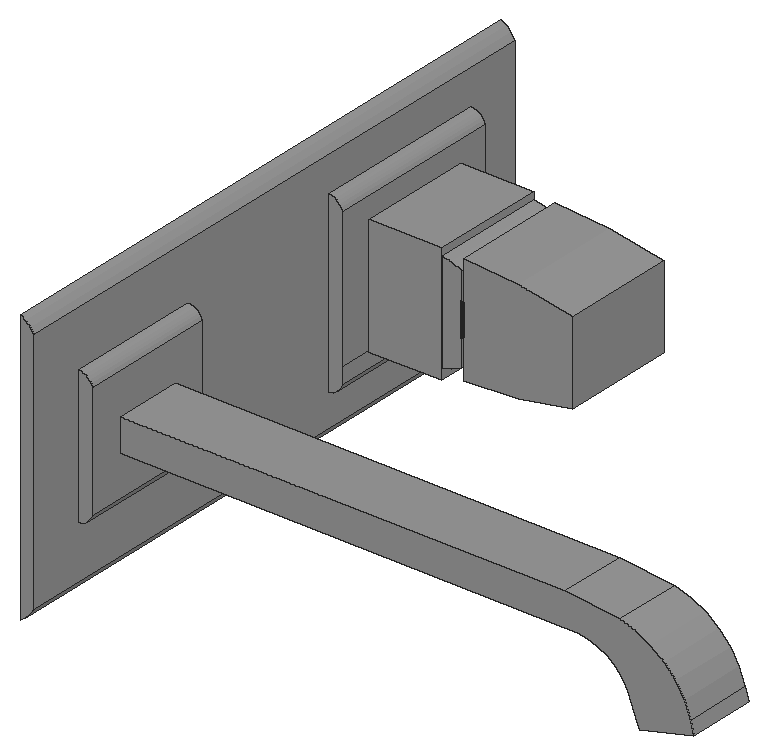
Revit family "Mimi 13297 + 31194", category Plumbing Fixtures, Revit 2013
Parameters (values of type "Mimi 13297 + 31194")
  URL = "http://www.abey.com.au/store/tapware/bathroom-tapware2/gessi/mimi-bathroom-tapware/wall-basin-mixer-with-spout-3/"
  Mounting Height [instance] = 1000 mm
  Model = "Mimi 13297 + 31194"
  Manufacturer = "Gessi"
  Description = "Wall basin mixer with spout (supplied in two parts). 5 Star Flow Rate 5.0L/min."
Reference planes
  plane 1 "Center (Front/Back)": y = 0
  plane 2: z = 0
  plane 3 "Center (Left/Right)": x = 0
  plane 4: z = 1000
Dimensions and locks
  "Mounting Height": plane 4 to plane 2
  aligned and locked: level to plane 2
  aligned and locked: nested 1 to plane 4
Nested families
  nested 1: "13297 + 31194" at (0, 0, 1000), type "13297 + 31194"
Definition of nested family "13297 + 31194"
  Reference planes
    plane 1 "Center (Front/Back)": y = 0
    plane 2: z = 0
    plane 3 "Center (Left/Right)": x = 0
  Forms (mm)
    Extrusion 1, solid, material "Steel, Chrome Plated"
      sketch origin (0, 0, 0) x (1, 0, 0) y (0, 0, 1)
        loop
          line (220.5, 25.145) -> (219.3, 29.562)
          arc (219.3, 29.562) -> (209.829, 45.371) -> (193.5, 53.916) r 34
          arc (193.5, 53.916) -> (183.554, 55.478) -> (173.5, 56) r 97
          line (173.5, 56) -> (5, 56) -> (5, 44) -> (173.5, 44)
          arc (173.5, 44) -> (175.736, 43.972) -> (177.971, 43.888) r 89
          arc (177.971, 43.888) -> (189.018, 40.168) -> (196.5, 31.231) r 21.5
          arc (196.5, 31.231) -> (198.258, 27.037) -> (199.8, 22.759) r 89
          line (199.8, 22.759) -> (200.65, 20.196) -> (220.5, 25.145)
      from 52.5 to 77.5
    Extrusion 2, solid, material "Steel, Chrome Plated"
      sketch origin (0, 0, 0) x (1, 0, 0) y (0, 0, 1)
        loop
          arc (45.3, 30) -> (65.456, 31.255) -> (85.3, 35) r 162.5
          line (85.3, 35) -> (85.3, 65)
          arc (85.3, 65) -> (65.456, 68.745) -> (45.3, 70) r 162.5
          line (45.3, 70) -> (45.3, 30)
        loop
          arc (44.6, 65.9) -> (41.231, 67.552) -> (37.6, 68.5) r 18.724
          line (37.6, 68.5) -> (37.5, 67.5) -> (37.5, 32.5) -> (37.6, 31.5)
          arc (37.6, 31.5) -> (41.231, 32.448) -> (44.6, 34.1) r 18.724
          line (44.6, 34.1) -> (44.6, 65.9)
      from -36.1 to -77.9
    Extrusion 3, solid, material "Steel, Chrome Plated"
      sketch origin (0, 0, 0) x (1, 0, 0) y (0, 0, 1)
        loop
          line (10.5, 70.9) -> (10.5, 27.5) -> (37.5, 27.5) -> (37.5, 70.9) -> (10.5, 70.9)
        loop
          line (45.3, 56) -> (44.51, 56) -> (44.51, 44) -> (45.3, 44) -> (45.3, 56)
      from -36.1 to -77.9
    Extrusion 4, solid, material "Steel, Chrome Plated"
      sketch origin (0, 0, 0) x (1, 0, 0) y (0, 0, 1)
        loop
          arc (10.5, 78.5) -> (8.4, 81.394) -> (5, 82.5) r 5.781
          line (5, 82.5) -> (5, 17.5)
          arc (5, 17.5) -> (8.4, 18.606) -> (10.5, 21.5) r 5.781
          line (10.5, 21.5) -> (10.5, 27.5) -> (10.5, 78.5)
      from -89.5 to -24.5
    Extrusion 5, solid, material "Steel, Chrome Plated"
      sketch origin (0, 0, 0) x (1, 0, 0) y (0, 0, 1)
        loop
          line (5, 5) -> (5, 95)
          arc (5, 95) -> (2.861, 97.861) -> (0, 100) r 12.5
          line (0, 100) -> (0, 0)
          arc (0, 0) -> (2.861, 2.139) -> (5, 5) r 12.5
      from 110 to -110
    Extrusion 6, solid, material "Steel, Chrome Plated"
      sketch origin (0, 0, 0) x (1, 0, 0) y (0, 0, 1)
        loop
          line (10.5, 29) -> (10.5, 71)
          arc (10.5, 71) -> (8.4, 73.894) -> (5, 75) r 5.781
          line (5, 75) -> (5, 25)
          arc (5, 25) -> (8.4, 26.106) -> (10.5, 29) r 5.781
      from 90 to 40
  Cuts and joins
    joined: Extrusion 1, Extrusion 6
  Dimensions and locks
    aligned and locked: level to plane 2
